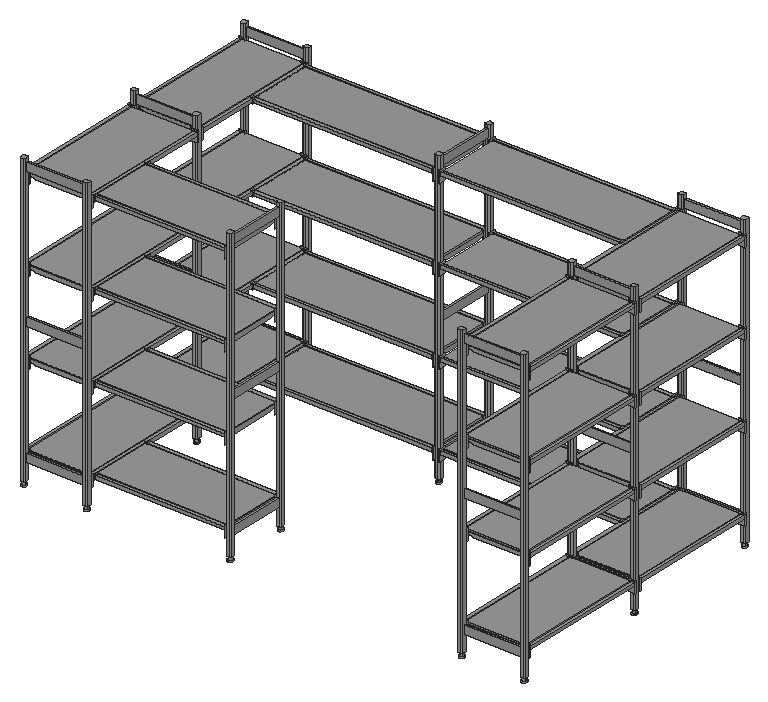
Revit family "QF_ELECTROLUXPROFESSIONAL_137105_CRS2816", category Attrezzature speciali, Revit 2020 (continued)
Definition of nested family "QF_974G"
  Definition of nested family "WT_Aggancio373B"
    Automatic sketch dimensions
      Extrusion 2 sketch curve to Extrusion 2 sketch curve = 3 mm  (x4)
      plane 10 to Extrusion 2 sketch curve = 7.996 mm
      plane 10 to Extrusion 2 sketch curve = 2.494 mm
      Extrusion 2 sketch curve to Extrusion 2 sketch curve = 18 mm  (x3)
      plane 12 to Extrusion 2 sketch curve = 2.494 mm
      plane 12 to Extrusion 2 sketch curve = 7.996 mm
      plane 13 to Extrusion 2 sketch curve = 2.494 mm
      plane 2 "LEFT" to Extrusion 3 sketch curve = 0 mm  (x4)
      plane 13 to Extrusion 3 sketch curve = 7.996 mm
      plane 11 to Extrusion 3 sketch curve = 7.996 mm
      Extrusion 3 sketch curve to Extrusion 3 sketch curve = 5 mm  (x4)
      plane 11 to Extrusion 3 sketch curve = 2.494 mm
      plane 10 to Extrusion 3 sketch curve = 28.996 mm
      Extrusion 3 sketch curve to Extrusion 3 sketch curve = 3 mm  (x4)
      plane 10 to Extrusion 3 sketch curve = 7.996 mm
      plane 10 to Extrusion 3 sketch curve = 2.494 mm
      Extrusion 3 sketch curve to Extrusion 3 sketch curve = 18 mm  (x3)
      plane 12 to Extrusion 3 sketch curve = 2.494 mm
      plane 12 to Extrusion 3 sketch curve = 7.996 mm
      plane 13 to Extrusion 3 sketch curve = 2.494 mm
      plane 2 "LEFT" to curve 1 = 5 mm
      plane 2 "LEFT" to curve 7 = 5 mm
      curve 1 to plane 16 "CYFront" = 17.5 mm
      curve 3 to plane 8 = 12.522 mm
      plane 7 to curve 5 = 12.478 mm
      curve 7 to plane 14 = 17.5 mm
      curve 5 to curve 5 = 4 mm
      curve 1 to curve 4 = 4 mm
      Extrusion 2 sketch curve to Extrusion 2 sketch curve = 4 mm  (x4)
      Extrusion 2 sketch curve to Extrusion 2 sketch curve = 8.969 mm  (x4)
      Extrusion 3 sketch curve to Extrusion 3 sketch curve = 4 mm  (x4)
      Extrusion 3 sketch curve to Extrusion 3 sketch curve = 8.969 mm  (x4)
Definition of nested family "QF_708G"
  Parameters
    Default Elevation = 0 mm
    Model = "137030"
    Manufacturer = "Electrolux Professional"
    Description = ""
  Reference planes
    plane 1: z = 0
    plane 2 "Center (F/B)": y = -163.5
    plane 3 "Front": y = -549.5
    plane 4 "Left": x = -217.5
    plane 5 "Right": x = 155.5
    plane 6 "TOP": z = 1700
    plane 7: y = -517.5
    plane 8: y = 190.5
    plane 9 "Center (Left/Right)": x = -31
    plane 10: y = 185.5
    plane 11: x = -186
    plane 12: x = 124
    plane 13 "FEET": z = 25
    plane 14: z = 140
    plane 15: z = 590
    plane 16: z = 1040
    plane 17: z = 1490
    plane 18 "CXLeft": y = -535.5
    plane 19: x = -200
    plane 20 "CYBack": x = -200
    plane 21 "CYFront": x = 138
    plane 22 "Back": y = 194.5
    plane 23 "LEFT_ORIGIN": x = -251.5
    plane 24 "BACK_Origin": y = 567.5
  Forms (mm)
    Extrusion 1, solid
      sketch origin (0, -549.5, 0) x (-1, 0, 0) y (0, 0, 1)
        loop
          line (198.5, 1515.994) -> (198.5, 1497.998) -> (217.5, 1497.998) -> (217.5, 1515.994) -> (198.5, 1515.994)
        loop
          line (-136.5, 1515.994) -> (-155.5, 1515.994) -> (-155.5, 1497.998) -> (-136.5, 1497.998) -> (-136.5, 1515.994)
        loop
          line (198.5, 1065.994) -> (198.5, 1047.998) -> (217.5, 1047.998) -> (217.5, 1065.994) -> (198.5, 1065.994)
        loop
          line (-136.5, 1065.994) -> (-155.5, 1065.994) -> (-155.5, 1047.998) -> (-136.5, 1047.998) -> (-136.5, 1065.994)
        loop
          line (198.5, 615.994) -> (198.5, 597.998) -> (217.5, 597.998) -> (217.5, 615.994) -> (198.5, 615.994)
        loop
          line (-136.5, 615.994) -> (-155.5, 615.994) -> (-155.5, 597.998) -> (-136.5, 597.998) -> (-136.5, 615.994)
        loop
          line (198.5, 165.994) -> (198.5, 147.998) -> (217.5, 147.998) -> (217.5, 165.994) -> (198.5, 165.994)
        loop
          line (-136.5, 165.994) -> (-155.5, 165.994) -> (-155.5, 147.998) -> (-136.5, 147.998) -> (-136.5, 165.994)
      from 32 to 740
    Extrusion 2, solid
      sketch origin (0, -549.5, 0) x (-1, 0, 0) y (0, 0, 1)
        loop
          line (196.507, 1515.994) -> (-134.5, 1515.994) -> (-134.5, 1509.496) -> (196.507, 1509.496) -> (196.507, 1515.994)
        loop
          line (196.507, 1065.994) -> (-134.5, 1065.994) -> (-134.5, 1059.496) -> (196.507, 1059.496) -> (196.507, 1065.994)
        loop
          line (196.507, 615.994) -> (-134.5, 615.994) -> (-134.5, 609.496) -> (196.507, 609.496) -> (196.507, 615.994)
        loop
          line (196.507, 165.994) -> (-134.5, 165.994) -> (-134.5, 159.496) -> (196.507, 159.496) -> (196.507, 165.994)
      from 32 to 740
  Lines and regions (mm)
    symbolic lines
      curve 1: line (-198.5, 190.5, 1700) -> (-198.5, -517.5, 1700)
      curve 2: line (-217.5, -521.5, 1700) -> (-217.5, 190.5, 1700)
      curve 3: line (155.5, -521.5, 1700) -> (155.5, 190.5, 1700)
      curve 4: line (-181.507, -517.5, 1700) -> (119.507, -517.5, 1700)
      curve 5: line (136.5, -517.5, 1700) -> (136.5, 190.5, 1700)
      curve 6: line (-198.5, 190.5, 1700) -> (136.5, 190.5, 1700)
  Dimensions and locks
    plane 3 "Front" to plane 2 "Center (F/B)" = 386 mm
    locked: plane 4 "Left" to plane 5 "Right" at 373
    locked: plane 7 to plane 8 at 708
    locked: plane 3 "Front" to plane 7 at 32
    plane 10 to plane 8 = 5 mm
    locked: plane 11 to plane 12 at 310
    equal spacing: plane 11, plane 9 "Center (Left/Right)", plane 12
    equal spacing: plane 4 "Left", plane 9 "Center (Left/Right)", plane 5 "Right"
    locked: plane 3 "Front" to plane 18 "CXLeft" at 14
    locked: plane 3 "Front" to plane 22 "Back" at 744
    plane 23 "LEFT_ORIGIN" to plane 5 "Right" = 407 mm
    locked: plane 22 "Back" to plane 24 "BACK_Origin" at 373
    plane 14 to level = 140 mm
    plane 15 to level = 590 mm
    plane 16 to level = 1040 mm
    locked: plane 6 "TOP" to level at 1700
    plane 17 to level = 1490 mm
    plane 13 "FEET" to level = 25 mm
    aligned and locked: level to plane 1
    aligned and locked: Extrusion 2 to plane 7
    aligned and locked: plane 8 to Extrusion 2
    aligned and locked: Extrusion 1 to plane 7
    aligned and locked: plane 8 to Extrusion 1
    aligned and locked: Extrusion 1 sketch curve to Extrusion 1 sketch curve  (x2)
    aligned and locked: nested 1 to plane 18 "CXLeft"
    aligned and locked: nested 2 to plane 10
  Automatic sketch dimensions
    curve 2 to plane 4 "Left" = 0 mm
    curve 3 to plane 5 "Right" = 0 mm
    plane 7 to curve 1 = 0 mm
    plane 7 to curve 4 = 0 mm
    plane 7 to curve 5 = 0 mm
    plane 8 to curve 2 = 0 mm
    plane 8 to curve 1 = 0 mm
    plane 8 to curve 3 = 0 mm
    plane 21 "CYFront" to curve 5 = 1.5 mm
    plane 19 to curve 6 = 1.5 mm
    plane 7 to curve 3 = 4 mm
    plane 7 to curve 2 = 4 mm
    plane 12 to curve 4 = 4.493 mm
    curve 4 to plane 11 = 4.493 mm
    plane 5 "Right" to Extrusion 1 sketch curve = 0 mm  (x4)
    plane 4 "Left" to Extrusion 1 sketch curve = 0 mm  (x4)
    plane 21 "CYFront" to Extrusion 1 sketch curve = 1.5 mm  (x2)
    plane 19 to Extrusion 1 sketch curve = 1.5 mm  (x4)
    plane 14 to Extrusion 1 sketch curve = 7.998 mm  (x2)
    Extrusion 1 sketch curve to Extrusion 1 sketch curve = 17.997 mm  (x8)
    plane 15 to Extrusion 1 sketch curve = 7.998 mm  (x2)
    plane 16 to Extrusion 1 sketch curve = 7.998 mm  (x2)
    plane 17 to Extrusion 1 sketch curve = 7.998 mm  (x2)
    plane 21 "CYFront" to Extrusion 2 sketch curve = 3.5 mm  (x4)
    plane 19 to Extrusion 2 sketch curve = 3.493 mm  (x4)
    plane 14 to Extrusion 2 sketch curve = 19.496 mm
    Extrusion 2 sketch curve to Extrusion 2 sketch curve = 6.499 mm  (x4)
    plane 15 to Extrusion 2 sketch curve = 19.496 mm
    plane 16 to Extrusion 2 sketch curve = 19.496 mm
    plane 17 to Extrusion 2 sketch curve = 19.496 mm
  Nested families
    nested 1: "WT_Anta373B" at (-194.5, -132.5, 0) x (0, 1, 0) z (0, 0, 1), type "WT_Anta373B"
    nested 2: "WT_Aggancio373B" at (-194.5, 602.5, 0) x (0, 1, 0) z (0, 0, 1), type "WT_Aggancio373B"
  Definition of nested family "WT_Anta373B"
    Parameters
      WidthLeft = A + 64 mm  # 772 mm
      Width = 1606 mm
      Right = WidthLeft / 2  # 386 mm
      Default Elevation = 0 mm
      Left = -WidthLeft / 2  # -386 mm
      Height = 1590 mm
      FEET = 25 mm
      E = 0 mm
      Dint = Depth - 63 mm  # 310 mm
      Dext = Depth - 8 mm  # 365 mm
      Depth = 373 mm
      DX = (WidthLeft - A) / 2  # 32 mm
      B = 798 mm
      A = 708 mm
    Reference planes
      plane 1: z = 0
      plane 2 "LEFT": x = -417
      plane 3 "BACK": y = 23
      plane 4 "FRONT": y = -350
      plane 5 "TOP": z = 1590
      plane 6 "Center (Front/Back)": y = -163.5
      plane 7: y = -8.5
      plane 8: y = -318.5
      plane 9 "FEET": z = 25
      plane 10: z = 140
      plane 11: z = 590
      plane 12: z = 1040
      plane 13: z = 1490
      plane 14 "CXLeft": x = -403
      plane 15: y = 5.5
      plane 16 "CYBack": y = 5.5
      plane 17 "CYFront": y = -332.5
      plane 18: x = -385.031
      plane 19: x = -380.031
    Forms (mm)
      Extrusion 1, solid
        sketch origin (0, 0, 0) x (1, 0, 0) y (0, 1, 0)
          loop
            line (-417, 13.246) -> (-417, -2.246) -> (-410.746, -8.5) -> (-395.254, -8.5) -> (-389, -2.246) -> (-389, 13.246) -> (-395.254, 19.5) -> (-410.746, 19.5) -> (-417, 13.246)
        from 1590 to 25
      Extrusion 2, solid
        sketch origin (-417, 0, 0) x (0, 1, 0) y (0, 0, 1)
          loop
            line (23, 111.005) -> (23, 172.993) -> (-12.993, 172.993) -> (-12.993, 111.005) -> (23, 111.005)
          loop
            line (-350, 111.005) -> (-314.007, 111.005) -> (-314.007, 172.993) -> (-350, 172.993) -> (-350, 111.005)
          loop
            line (23, 561.005) -> (23, 622.993) -> (-12.993, 622.993) -> (-12.993, 561.005) -> (23, 561.005)
          loop
            line (-350, 561.005) -> (-314.007, 561.005) -> (-314.007, 622.993) -> (-350, 622.993) -> (-350, 561.005)
          loop
            line (23, 1011.005) -> (23, 1072.993) -> (-12.993, 1072.993) -> (-12.993, 1011.005) -> (23, 1011.005)
          loop
            line (-350, 1011.005) -> (-314.007, 1011.005) -> (-314.007, 1072.993) -> (-350, 1072.993) -> (-350, 1011.005)
          loop
            line (23, 1461.005) -> (23, 1522.993) -> (-12.993, 1522.993) -> (-12.993, 1461.005) -> (23, 1461.005)
          loop
            line (-350, 1461.005) -> (-314.007, 1461.005) -> (-314.007, 1522.993) -> (-350, 1522.993) -> (-350, 1461.005)
        from 28 to 32
      Revolve 3, solid
        sketch origin (-403, 0, 0) x (0, 1, 0) y (0, 0, 1)
          loop
            line (5.5, 25) -> (5.5, 0) -> (19, 0) -> (19, 5) -> (14, 5) -> (14, 25) -> (5.5, 25)
          axis (5.5, 25) -> (5.5, 0)
        angle from 0 to 360
      Extrusion 4, solid
        sketch origin (-403, 0, 0) x (0, 1, 0) y (0, 0, 1)
          loop
            line (-8.5, 777.382) -> (-8.5, 822.374) -> (-318.5, 822.374) -> (-318.5, 777.382) -> (-8.5, 777.382)
          loop
            line (-8.5, 1527.244) -> (-8.5, 1572.236) -> (-318.5, 1572.236) -> (-318.5, 1527.244) -> (-8.5, 1527.244)
        from -5 to 5
      Revolve 5, solid
        sketch origin (-403, -627, 0) x (0, -1, 0) y (0, 0, 1)
          loop
            line (-294.5, 25) -> (-294.5, 0) -> (-281, 0) -> (-281, 5) -> (-286, 5) -> (-286, 25) -> (-294.5, 25)
          axis (-294.5, 25) -> (-294.5, 0)
        angle from 0 to 360
      Extrusion 6, solid
        sketch origin (0, -627, 0) x (1, 0, 0) y (0, 1, 0)
          loop
            line (-417, 286.754) -> (-410.746, 280.5) -> (-395.254, 280.5) -> (-389, 286.754) -> (-389, 302.246) -> (-395.254, 308.5) -> (-410.746, 308.5) -> (-417, 302.246) -> (-417, 286.754)
        from 1590 to 25
      Extrusion 7, solid
        sketch origin (-417.031, -0.022, 0) x (0, 1, 0) y (0, 0, -1)
          loop
            line (-12, -1497.998) -> (-46, -1485.994) -> (-281, -1485.994) -> (-315, -1497.998) -> (-331, -1497.998) -> (-331, -1515.994) -> (-329, -1515.994) -> (-329, -1509.496) -> (2.007, -1509.496) -> (2.007, -1515.994) -> (4, -1515.994) -> (4, -1497.998) -> (-12, -1497.998)
          loop
            line (-12, -1047.998) -> (-46, -1035.994) -> (-281, -1035.994) -> (-315, -1047.998) -> (-331, -1047.998) -> (-331, -1065.994) -> (-329, -1065.994) -> (-329, -1059.496) -> (2.007, -1059.496) -> (2.007, -1065.994) -> (4, -1065.994) -> (4, -1047.998) -> (-12, -1047.998)
          loop
            line (-12, -597.998) -> (-46, -585.994) -> (-281, -585.994) -> (-315, -597.998) -> (-331, -597.998) -> (-331, -615.994) -> (-329, -615.994) -> (-329, -609.496) -> (2.007, -609.496) -> (2.007, -615.994) -> (4, -615.994) -> (4, -597.998) -> (-12, -597.998)
          loop
            line (-12, -147.998) -> (-46, -135.994) -> (-281, -135.994) -> (-315, -147.998) -> (-331, -147.998) -> (-331, -165.994) -> (-329, -165.994) -> (-329, -159.496) -> (2.007, -159.496) -> (2.007, -165.994) -> (4, -165.994) -> (4, -147.998) -> (-12, -147.998)
        from -32 to -37
      Extrusion 8, solid
        sketch origin (-403, 0, -659.878) x (0, 1, 0) y (0, 0, 1)
          loop
            line (-8.5, 777.382) -> (-8.5, 822.374) -> (-318.5, 822.374) -> (-318.5, 777.382) -> (-8.5, 777.382)
          loop
            line (-8.5, 1437.382) -> (-8.5, 1482.374) -> (-318.5, 1482.374) -> (-318.5, 1437.382) -> (-8.5, 1437.382)
          loop
            line (-8.5, 2187.382) -> (-8.5, 2232.374) -> (-318.5, 2232.374) -> (-318.5, 2187.382) -> (-8.5, 2187.382)
        from -5 to 5
    Lines and regions (mm)
      symbolic lines
        curve 1: line (-408, -8.5, 1590) -> (-408, -318.5, 1590)
        curve 2: line (-398, -318.5, 1590) -> (-398, -8.5, 1590)
        curve 3: line (-395.254, -8.5, 1590) -> (-410.746, -8.5, 1590)
        curve 4: line (-417, -2.246, 1590) -> (-410.746, -8.5, 1590)
        curve 5: line (-417, 13.246, 1590) -> (-417, -2.246, 1590)
        curve 6: line (-410.746, 19.5, 1590) -> (-417, 13.246, 1590)
        curve 7: line (-395.254, 19.5, 1590) -> (-410.746, 19.5, 1590)
        curve 8: line (-389, 13.246, 1590) -> (-395.254, 19.5, 1590)
        curve 9: line (-395.254, -8.5, 1590) -> (-389, -2.246, 1590)
        curve 10: line (-395.254, -318.5, 1590) -> (-410.746, -318.5, 1590)
        curve 11: line (-417, -324.754, 1590) -> (-410.746, -318.5, 1590)
        curve 12: line (-410.746, -346.5, 1590) -> (-417, -340.246, 1590)
        curve 13: line (-395.254, -346.5, 1590) -> (-410.746, -346.5, 1590)
        curve 14: line (-389, -340.246, 1590) -> (-395.254, -346.5, 1590)
        curve 15: line (-395.254, -318.5, 1590) -> (-389, -324.754, 1590)
        curve 16: line (-389, -350, 1590) -> (-389, -314.007, 1590)
        curve 17: line (-389, -314.007, 1590) -> (-385, -314.007, 1590)
        curve 18: line (-389, 23, 1590) -> (-389, -12.993, 1590)
        curve 19: line (-389, -12.993, 1590) -> (-385, -12.993, 1590)
        curve 20: line (-417, -324.754, 1590) -> (-417, -340.246, 1590)
        curve 21: line (-385, -350, 1590) -> (-385, -314.007, 1590)
        curve 22: line (-385, -350, 1590) -> (-389, -350, 1590)
        curve 23: line (-385, 23, 1590) -> (-389, 23, 1590)
        curve 24: line (-385, -12.993, 1590) -> (-385, 23, 1590)
        curve 25: line (-385.031, -13.016, 1725) -> (-385.031, -314.029, 1725)
    Dimensions and locks
      "Depth": plane 3 "BACK" to plane 4 "FRONT"
      "Dint": plane 7 to plane 8
      equal spacing: plane 7, plane 6 "Center (Front/Back)", plane 8
      equal spacing: plane 3 "BACK", plane 6 "Center (Front/Back)", plane 4 "FRONT"
      plane 9 "FEET" to level = 25 mm
      plane 10 to plane 9 "FEET" = 115 mm
      plane 11 to plane 10 = 450 mm
      plane 12 to plane 11 = 450 mm
      plane 13 to plane 12 = 450 mm
      locked: plane 2 "LEFT" to plane 14 "CXLeft" at 14
      locked: plane 3 "BACK" to plane 16 "CYBack" at 17.5
      locked: plane 17 "CYFront" to plane 4 "FRONT" at 17.5
      locked: Revolve 3 sketch curve to Revolve 3 sketch curve at 8.5
      locked: Revolve 3 sketch curve to plane 16 "CYBack" at 13.5
      locked: Revolve 5 sketch curve to Revolve 5 sketch curve at 8.5
      plane 10 to level = 140 mm
      plane 11 to level = 590 mm
      plane 12 to level = 1040 mm
      plane 13 to level = 1490 mm
      "Height": plane 5 "TOP" to level
      aligned and locked: level to plane 1
      aligned and locked: curve 20 to Extrusion 6
      aligned and locked: plane 5 "TOP" to Extrusion 1
      aligned and locked: plane 5 "TOP" to Extrusion 6
      aligned and locked: Extrusion 7 sketch curve to Extrusion 7 sketch curve  (x3)
    Automatic sketch dimensions
      curve 16 to plane 4 "FRONT" = 0 mm
      curve 11 to plane 8 = 0 mm
      curve 9 to plane 7 = 0 mm
      curve 5 to plane 2 "LEFT" = 0 mm
      curve 23 to plane 3 "BACK" = 0 mm
      plane 4 "FRONT" to curve 13 = 3.5 mm
      curve 20 to plane 17 "CYFront" = 7.746 mm
      curve 20 to plane 8 = 6.254 mm
      plane 8 to curve 16 = 4.493 mm
      curve 24 to plane 18 = 0.031 mm
      curve 24 to plane 7 = 4.493 mm
      plane 7 to curve 5 = 6.254 mm
      curve 5 to plane 15 = 7.746 mm
      curve 6 to plane 3 "BACK" = 3.5 mm
      curve 21 to plane 18 = 0.031 mm
      plane 18 to curve 23 = 3.969 mm
      plane 18 to curve 16 = 3.969 mm
      curve 18 to curve 8 = 6.254 mm
      curve 18 to curve 3 = 6.254 mm
      curve 16 to curve 13 = 6.254 mm
      curve 16 to curve 15 = 6.254 mm
      plane 2 "LEFT" to curve 10 = 6.254 mm
      plane 2 "LEFT" to curve 7 = 6.254 mm
      plane 2 "LEFT" to curve 12 = 6.254 mm
      plane 2 "LEFT" to curve 3 = 6.254 mm
      curve 14 to plane 17 "CYFront" = 7.746 mm
      curve 15 to plane 8 = 6.254 mm
      plane 7 to curve 9 = 6.254 mm
      curve 8 to plane 15 = 7.746 mm
      curve 3 to curve 2 = 2.746 mm
      curve 1 to curve 10 = 2.746 mm
      Extrusion 1 sketch curve to plane 2 "LEFT" = 0 mm
      Extrusion 1 sketch curve to plane 7 = 0 mm
      plane 2 "LEFT" to Extrusion 1 sketch curve = 6.254 mm  (x2)
      plane 14 "CXLeft" to Extrusion 1 sketch curve = 7.746 mm  (x2)
      Extrusion 1 sketch curve to plane 3 "BACK" = 3.5 mm
      plane 18 to Extrusion 1 sketch curve = 3.969 mm
      plane 7 to Extrusion 1 sketch curve = 6.254 mm  (x2)
      Extrusion 1 sketch curve to plane 15 = 7.746 mm  (x2)
      Extrusion 2 sketch curve to plane 4 "FRONT" = 0 mm  (x4)
      Extrusion 2 sketch curve to plane 3 "BACK" = 0 mm  (x4)
      plane 8 to Extrusion 2 sketch curve = 4.493 mm  (x4)
      Extrusion 2 sketch curve to plane 7 = 4.493 mm  (x4)
      Extrusion 2 sketch curve to plane 10 = 28.995 mm  (x2)
      plane 10 to Extrusion 2 sketch curve = 32.993 mm  (x2)
      Extrusion 2 sketch curve to plane 11 = 28.995 mm  (x2)
      plane 11 to Extrusion 2 sketch curve = 32.993 mm  (x2)
      Extrusion 2 sketch curve to plane 12 = 28.995 mm  (x2)
      plane 12 to Extrusion 2 sketch curve = 32.993 mm  (x2)
      Extrusion 2 sketch curve to plane 13 = 28.995 mm  (x2)
      plane 13 to Extrusion 2 sketch curve = 32.993 mm  (x2)
      Revolve 3 sketch curve to plane 9 "FEET" = 0 mm  (x2)
      Revolve 3 sketch curve to plane 15 = 0 mm  (x2)
      Revolve 3 sketch curve to level = 0 mm
      level to Revolve 3 sketch curve = 5 mm
      Revolve 3 sketch curve to Revolve 3 sketch curve = 11.655 mm
      Extrusion 4 sketch curve to plane 8 = 0 mm  (x2)
      Extrusion 4 sketch curve to plane 7 = 0 mm  (x2)
      plane 11 to Extrusion 4 sketch curve = 187.382 mm
      Extrusion 4 sketch curve to Extrusion 4 sketch curve = 44.992 mm
      plane 13 to Extrusion 4 sketch curve = 37.244 mm
      Extrusion 4 sketch curve to plane 5 "TOP" = 17.764 mm
      Revolve 5 sketch curve to plane 9 "FEET" = 0 mm  (x2)
      Revolve 5 sketch curve to plane 17 "CYFront" = 0 mm  (x2)
      Revolve 5 sketch curve to level = 0 mm
      Revolve 5 sketch curve to plane 4 "FRONT" = 4 mm
      Revolve 5 sketch curve to Revolve 5 sketch curve = 5 mm
      level to Revolve 5 sketch curve = 11.655 mm
      Extrusion 6 sketch curve to plane 2 "LEFT" = 0 mm
      Extrusion 6 sketch curve to plane 8 = 0 mm
      Extrusion 6 sketch curve to plane 2 "LEFT" = 6.254 mm  (x2)
      Extrusion 6 sketch curve to plane 14 "CXLeft" = 7.746 mm  (x2)
      Extrusion 6 sketch curve to plane 4 "FRONT" = 3.5 mm
      Extrusion 6 sketch curve to plane 18 = 3.969 mm
      plane 8 to Extrusion 6 sketch curve = 6.254 mm  (x2)
      plane 17 "CYFront" to Extrusion 6 sketch curve = 7.746 mm  (x2)
      plane 17 "CYFront" to Extrusion 7 sketch curve = 1.478 mm  (x4)
      Extrusion 7 sketch curve to Extrusion 7 sketch curve = 2 mm
      plane 8 to Extrusion 7 sketch curve = 3.478 mm  (x4)
      Extrusion 7 sketch curve to plane 10 = 4.006 mm
      Extrusion 7 sketch curve to Extrusion 7 sketch curve = 34 mm  (x4)
      Extrusion 7 sketch curve to plane 11 = 4.006 mm
      Extrusion 7 sketch curve to plane 12 = 4.006 mm
      Extrusion 7 sketch curve to plane 13 = 4.006 mm
      Extrusion 7 sketch curve to plane 7 = 37.522 mm  (x4)
      Extrusion 7 sketch curve to plane 7 = 3.522 mm  (x4)
      plane 15 to Extrusion 7 sketch curve = 3.516 mm  (x4)
      plane 15 to Extrusion 7 sketch curve = 1.522 mm  (x4)
      plane 13 to Extrusion 7 sketch curve = 7.998 mm  (x2)
      Extrusion 7 sketch curve to Extrusion 7 sketch curve = 11.498 mm
      Extrusion 7 sketch curve to Extrusion 7 sketch curve = 6.499 mm  (x5)
      plane 12 to Extrusion 7 sketch curve = 25.994 mm  (x2)
      plane 12 to Extrusion 7 sketch curve = 7.998 mm  (x2)
      plane 11 to Extrusion 7 sketch curve = 25.994 mm  (x2)
      plane 11 to Extrusion 7 sketch curve = 7.998 mm  (x2)
      plane 10 to Extrusion 7 sketch curve = 25.994 mm  (x2)
      plane 10 to Extrusion 7 sketch curve = 7.998 mm  (x2)
      curve 25 to plane 18 = 0 mm
      plane 8 to curve 25 = 4.471 mm
      curve 25 to plane 7 = 4.516 mm
      Extrusion 8 sketch curve to plane 8 = 0 mm  (x3)
      Extrusion 8 sketch curve to plane 7 = 0 mm  (x3)
      Extrusion 8 sketch curve to plane 10 = 22.496 mm
      plane 10 to Extrusion 8 sketch curve = 22.496 mm
      plane 11 to Extrusion 8 sketch curve = 187.504 mm
      Extrusion 8 sketch curve to Extrusion 8 sketch curve = 44.992 mm
      plane 13 to Extrusion 8 sketch curve = 37.504 mm
      Extrusion 8 sketch curve to plane 5 "TOP" = 17.504 mm
  Definition of nested family "WT_Aggancio373B"
    Parameters
      WidthLeft = A + 64 mm  # 772 mm
      Width = 1606 mm
      Right = WidthLeft / 2  # 386 mm
      Default Elevation = 0 mm
      Left = -WidthLeft / 2  # -386 mm
      Height = 1590 mm
      FEET = 25 mm
      E = 0 mm
      Dint = Depth - 63 mm  # 310 mm
      Dext = Depth - 8 mm  # 365 mm
      Depth = 373 mm
      DX = (WidthLeft - A) / 2  # 32 mm
      B = 798 mm
      A = 708 mm
    Reference planes
      plane 1: z = 0
      plane 2 "LEFT": x = -417
      plane 3 "BACK": y = 23
      plane 4 "FRONT": y = -350
      plane 5 "TOP": z = 1590
      plane 6 "Center (Front/Back)": y = -163.5
      plane 7: y = -8.5
      plane 8: y = -318.5
      plane 9 "FEET": z = 25
      plane 10: z = 140
      plane 11: z = 590
      plane 12: z = 1040
      plane 13: z = 1490
      plane 14: y = 5.5
      plane 15 "CYBack": y = 5.5
      plane 16 "CYFront": y = -332.5
    Forms (mm)
      Extrusion 1, solid
        sketch origin (-380, -0.022, 0) x (0, 1, 0) y (0, 0, 1)
          loop
            line (-12, 1497.998) -> (4, 1497.998) -> (4, 1515.994) -> (2.007, 1515.994) -> (2.007, 1509.496) -> (-329, 1509.496) -> (-329, 1515.994) -> (-331, 1515.994) -> (-331, 1497.998) -> (-315, 1497.998) -> (-281, 1485.994) -> (-46, 1485.994) -> (-12, 1497.998)
          loop
            line (-12, 1047.998) -> (4, 1047.998) -> (4, 1065.994) -> (2.007, 1065.994) -> (2.007, 1059.496) -> (-329, 1059.496) -> (-329, 1065.994) -> (-331, 1065.994) -> (-331, 1047.998) -> (-315, 1047.998) -> (-281, 1035.994) -> (-46, 1035.994) -> (-12, 1047.998)
          loop
            line (-12, 597.998) -> (4, 597.998) -> (4, 615.994) -> (2.007, 615.994) -> (2.007, 609.496) -> (-329, 609.496) -> (-329, 615.994) -> (-331, 615.994) -> (-331, 597.998) -> (-315, 597.998) -> (-281, 585.994) -> (-46, 585.994) -> (-12, 597.998)
          loop
            line (-12, 147.998) -> (4, 147.998) -> (4, 165.994) -> (2.007, 165.994) -> (2.007, 159.496) -> (-329, 159.496) -> (-329, 165.994) -> (-331, 165.994) -> (-331, 147.998) -> (-315, 147.998) -> (-281, 135.994) -> (-46, 135.994) -> (-12, 147.998)
        from -32 to -37
      Extrusion 2, solid
        sketch origin (-793.062, -324.754, 6.5) x (1, 0, 0) y (0, 0, 1)
          loop
            line (385.062, 1509.496) -> (385.062, 1512.496) -> (376.062, 1512.496) -> (376.062, 1485.994) -> (390.031, 1485.994) -> (390.031, 1491.496) -> (381.062, 1491.496) -> (381.062, 1509.496) -> (385.062, 1509.496)
          loop
            line (385.062, 1059.496) -> (385.062, 1062.496) -> (376.062, 1062.496) -> (376.062, 1035.994) -> (390.031, 1035.994) -> (390.031, 1041.496) -> (381.062, 1041.496) -> (381.062, 1059.496) -> (385.062, 1059.496)
          loop
            line (385.062, 609.496) -> (385.062, 612.496) -> (376.062, 612.496) -> (376.062, 585.994) -> (390.031, 585.994) -> (390.031, 591.496) -> (381.062, 591.496) -> (381.062, 609.496) -> (385.062, 609.496)
          loop
            line (385.062, 159.496) -> (385.062, 162.496) -> (376.062, 162.496) -> (376.062, 135.994) -> (390.031, 135.994) -> (390.031, 141.496) -> (381.062, 141.496) -> (381.062, 159.496) -> (385.062, 159.496)
        from 6.268 to 25.246
      Extrusion 3, solid
        sketch origin (-793.062, 32.754, 6.5) x (1, 0, 0) y (0, 0, 1)
          loop
            line (385.062, 1509.496) -> (385.062, 1512.496) -> (376.062, 1512.496) -> (376.062, 1485.994) -> (390.031, 1485.994) -> (390.031, 1491.496) -> (381.062, 1491.496) -> (381.062, 1509.496) -> (385.062, 1509.496)
          loop
            line (385.062, 1059.496) -> (385.062, 1062.496) -> (376.062, 1062.496) -> (376.062, 1035.994) -> (390.031, 1035.994) -> (390.031, 1041.496) -> (381.062, 1041.496) -> (381.062, 1059.496) -> (385.062, 1059.496)
          loop
            line (385.062, 609.496) -> (385.062, 612.496) -> (376.062, 612.496) -> (376.062, 585.994) -> (390.031, 585.994) -> (390.031, 591.496) -> (381.062, 591.496) -> (381.062, 609.496) -> (385.062, 609.496)
          loop
            line (385.062, 159.496) -> (385.062, 162.496) -> (376.062, 162.496) -> (376.062, 135.994) -> (390.031, 135.994) -> (390.031, 141.496) -> (381.062, 141.496) -> (381.062, 159.496) -> (385.062, 159.496)
        from 9.754 to 28.776
    Lines and regions (mm)
      symbolic lines
        curve 1: line (-412, -350, 0) -> (-408, -350, 0)
        curve 2: line (-412, -331.022, 0) -> (-412, -350, 0)
        curve 3: line (-408, -331.022, 0) -> (-412, -331.022, 0)
        curve 4: line (-408, -350, 0) -> (-408, -331.022, 0)
        curve 5: line (-412, 3.978, 0) -> (-408, 3.978, 0)
        curve 6: line (-412, 23, 0) -> (-412, 3.978, 0)
        curve 7: line (-408, 23, 0) -> (-412, 23, 0)
        curve 8: line (-408, 3.978, 0) -> (-408, 23, 0)
    Dimensions and locks
      "Height": plane 5 "TOP" to level
      "Depth": plane 3 "BACK" to plane 4 "FRONT"
      "Dint": plane 7 to plane 8
      equal spacing: plane 7, plane 6 "Center (Front/Back)", plane 8
      equal spacing: plane 3 "BACK", plane 6 "Center (Front/Back)", plane 4 "FRONT"
      plane 9 "FEET" to level = 25 mm
      plane 10 to plane 9 "FEET" = 115 mm
      locked: plane 11 to plane 10 at 450
      locked: plane 12 to plane 11 at 450
      locked: plane 13 to plane 12 at 450
      locked: plane 3 "BACK" to plane 15 "CYBack" at 17.5
      locked: plane 16 "CYFront" to plane 4 "FRONT" at 17.5
      aligned and locked: level to plane 1
      aligned and locked: Extrusion 1 sketch curve to Extrusion 1 sketch curve  (x3)
    Automatic sketch dimensions
      plane 16 "CYFront" to Extrusion 1 sketch curve = 1.478 mm  (x4)
      Extrusion 1 sketch curve to Extrusion 1 sketch curve = 2 mm
      plane 8 to Extrusion 1 sketch curve = 3.478 mm  (x4)
      Extrusion 1 sketch curve to plane 10 = 4.006 mm
      Extrusion 1 sketch curve to Extrusion 1 sketch curve = 34 mm  (x4)
      Extrusion 1 sketch curve to plane 11 = 4.006 mm
      Extrusion 1 sketch curve to plane 12 = 4.006 mm
      Extrusion 1 sketch curve to plane 13 = 4.006 mm
      Extrusion 1 sketch curve to plane 7 = 37.522 mm  (x4)
      Extrusion 1 sketch curve to plane 7 = 3.522 mm  (x4)
      plane 14 to Extrusion 1 sketch curve = 3.516 mm  (x4)
      plane 14 to Extrusion 1 sketch curve = 1.522 mm  (x4)
      plane 10 to Extrusion 1 sketch curve = 7.998 mm  (x2)
      Extrusion 1 sketch curve to Extrusion 1 sketch curve = 11.498 mm  (x4)
      Extrusion 1 sketch curve to Extrusion 1 sketch curve = 6.499 mm  (x8)
      plane 11 to Extrusion 1 sketch curve = 7.998 mm  (x2)
      plane 12 to Extrusion 1 sketch curve = 7.998 mm  (x2)
      plane 13 to Extrusion 1 sketch curve = 7.998 mm  (x2)
      plane 2 "LEFT" to Extrusion 2 sketch curve = 0 mm  (x4)
      plane 13 to Extrusion 2 sketch curve = 7.996 mm
      plane 11 to Extrusion 2 sketch curve = 7.996 mm
      Extrusion 2 sketch curve to Extrusion 2 sketch curve = 5 mm  (x4)
      plane 11 to Extrusion 2 sketch curve = 2.494 mm
      plane 10 to Extrusion 2 sketch curve = 28.996 mm
      Extrusion 2 sketch curve to Extrusion 2 sketch curve = 3 mm  (x4)
      plane 10 to Extrusion 2 sketch curve = 7.996 mm
      plane 10 to Extrusion 2 sketch curve = 2.494 mm
      Extrusion 2 sketch curve to Extrusion 2 sketch curve = 18 mm  (x3)
      plane 12 to Extrusion 2 sketch curve = 2.494 mm
      plane 12 to Extrusion 2 sketch curve = 7.996 mm
      plane 13 to Extrusion 2 sketch curve = 2.494 mm
      plane 2 "LEFT" to Extrusion 3 sketch curve = 0 mm  (x4)
      plane 13 to Extrusion 3 sketch curve = 7.996 mm
      plane 11 to Extrusion 3 sketch curve = 7.996 mm
      Extrusion 3 sketch curve to Extrusion 3 sketch curve = 5 mm  (x4)
      plane 11 to Extrusion 3 sketch curve = 2.494 mm
      plane 10 to Extrusion 3 sketch curve = 28.996 mm
      Extrusion 3 sketch curve to Extrusion 3 sketch curve = 3 mm  (x4)
      plane 10 to Extrusion 3 sketch curve = 7.996 mm
      plane 10 to Extrusion 3 sketch curve = 2.494 mm
      Extrusion 3 sketch curve to Extrusion 3 sketch curve = 18 mm  (x3)
      plane 12 to Extrusion 3 sketch curve = 2.494 mm
      plane 12 to Extrusion 3 sketch curve = 7.996 mm
      plane 13 to Extrusion 3 sketch curve = 2.494 mm
      plane 2 "LEFT" to curve 1 = 5 mm
      plane 2 "LEFT" to curve 7 = 5 mm
      curve 1 to plane 16 "CYFront" = 17.5 mm
      curve 3 to plane 8 = 12.522 mm
      plane 7 to curve 5 = 12.478 mm
      curve 7 to plane 14 = 17.5 mm
      curve 5 to curve 5 = 4 mm
      curve 1 to curve 4 = 4 mm
      Extrusion 2 sketch curve to Extrusion 2 sketch curve = 4 mm  (x4)
      Extrusion 2 sketch curve to Extrusion 2 sketch curve = 8.969 mm  (x4)
      Extrusion 3 sketch curve to Extrusion 3 sketch curve = 4 mm  (x4)
      Extrusion 3 sketch curve to Extrusion 3 sketch curve = 8.969 mm  (x4)
